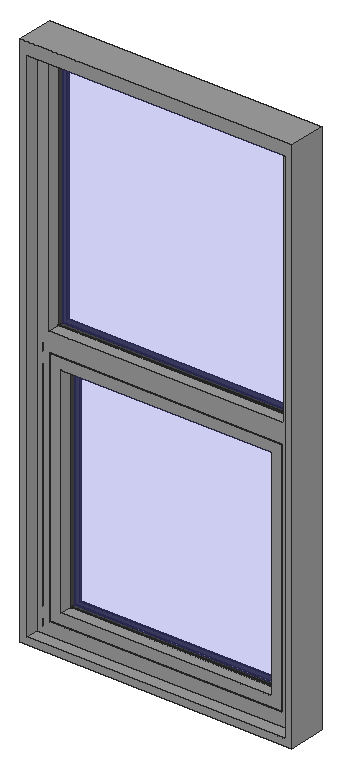
Revit family "SS_5_LAP OP007_v02", category Windows, host Wall, Revit 2015
Parameters
  Wall Thickness [instance] = 0' - 6"
  URL = "obe.com"
  Transom Height = 3' - 0"
  Rough Width = Width + 0' 0 1/2"  # 3' - 0 1/2"
  Rough Height = Height + 0' 0 1/2"  # 6' - 0 1/2"
  Offset Limitation [instance] = if((Offset + 0' 5") > Wall Thickness, (Wall Thickness - 0' 5"), Offset)  # 0' - 0"
  Offset [instance] = 0' - 0"
  Model = "SS_5_LAP OP007"
  Manufacturer = "Oldcastle BuildingEnvelope®"
  Keynote = "08 51 00"
  Height = Operable Height + Transom Height  # 6' - 0"
  Glass Material = Glass
  Gasket Material = Gasket
  Frame Material = Aluminum
  Operable Height = 3' - 0"
  Description = "SIGNATURE SERIES 5000 LAP"
  Default Sill Height = 3' - 0"
  Wall Closure = By host
  Width = 3' - 0"
  Assembly Code = "B2020"
Reference planes (in)
  plane 1 "Center (Front/Back)": y = 0
  plane 2: z = 0
  plane 3 "Center (Left/Right)": x = 0
  plane 4 "Left": x = -18.25
  plane 5 "Right": x = 18.25
  plane 6 "Sill": z = 36
  plane 7 "Top": z = 108.5
  plane 8 "Offset": y = 3
  plane 9: x = 18
  plane 10: z = 108.25
  plane 11: x = -18
  plane 12: z = 36.25
  plane 13 "Center": z = 72.25
  plane 14: z = 39.49948
  plane 15: z = 70.00052
  plane 16: z = 106.625
  plane 17: z = 72.875
  plane 18 "EXT": y = 2.69269
Forms (in)
  Sweep 1, solid, material "Aluminum" <- "Frame Material"
    path origin (0, 3, 0) x (1, 0, 0) y (0, 0, 1)
      loop
        line (-18, 72.25) -> (-18, 36)
    profile origin (-18, 3, 54.125) x (0, -1, 0) y (1, 0, 0)
      loop
        line (0, -0.25) -> (5.00003, -0.25) -> (5.00003, 0.625) -> (3.24905, 0.625) -> (3.24905, 2.3125) -> (3.17, 2.3125) -> (3.17, 1.375) -> (0, 1.375) -> (0, -0.25)
  Sweep 2, solid, material "Aluminum" <- "Frame Material"
    path origin (0, 3, 0) x (1, 0, 0) y (0, 0, 1)
      loop
        line (18, 72.25) -> (18, 36)
    profile origin (18, 3, 54.125) x (0, -1, 0) y (1, 0, 0)
      loop
        line (0, 0.25) -> (0, -1.375) -> (3.17, -1.375) -> (3.17, -2.3125) -> (3.24905, -2.3125) -> (3.24905, -0.625) -> (5.00003, -0.625) -> (5.00003, 0.25) -> (0, 0.25)
  Sweep 3, solid, material "Aluminum" <- "Frame Material"
    path origin (0, 3, 0) x (1, 0, 0) y (0, 0, 1)
      loop
        line (18.25, 36.25) -> (-18.25, 36.25)
    profile origin (0, 3, 36.25) x (0, 0, -1) y (0, -1, 0)
      loop
        line (0.25, 0) -> (0.25, 5.00003) -> (-0.625, 5.00003) -> (-0.625, 3.25) -> (-2.31253, 3.25) -> (-2.31253, 3.16998) -> (-1.37476, 3.16998) -> (-1.37476, 0) -> (0.25, 0)
  Sweep 4, solid, material "Aluminum" <- "Frame Material"
    path origin (0, 3, 0) x (1, 0, 0) y (0, 0, 1)
      loop
        line (18.25, 72.25) -> (-18.25, 72.25)
    profile origin (0, 3, 72.25) x (0, 0, -1) y (0, -1, 0)
      loop
        line (-1.25, 0) -> (0.36816, 0) -> (0.36816, 3.16998) -> (1.3125, 3.16998) -> (1.3125, 3.25) -> (-1.24003, 3.25) -> (-1.24003, 1.49822) -> (-0.625, 1.49822) -> (-0.625, 0.174) -> (-1.25, 0.174) -> (-1.25, 0)
  Sweep 5, solid, material "Aluminum" <- "Frame Material"
    path origin (0, 3, 0) x (1, 0, 0) y (0, 0, 1)
      loop
        line (18.25, 108.25) -> (-18.25, 108.25)
    profile origin (0, 3, 108.25) x (0, 0, -1) y (0, -1, 0)
      loop
        line (-0.25, 0) -> (2.25006, 0) -> (2.25006, 0.17403) -> (1.62506, 0.17403) -> (1.62506, 1.49898) -> (2.25006, 1.49898) -> (2.25006, 3.24169) -> (1.375, 3.24169) -> (1.375, 5.00003) -> (-0.25, 5.00003) -> (-0.25, 0)
  Sweep 6, solid, material "Aluminum" <- "Frame Material"
    path origin (0, 3, 0) x (1, 0, 0) y (0, 0, 1)
      loop
        line (18, 108.50003) -> (18, 72.25)
    profile origin (18, 3, 90.37502) x (0, -1, 0) y (1, 0, 0)
      loop
        line (0, 0.25) -> (0, -2.25006) -> (0.174, -2.25006) -> (0.174, -1.625) -> (1.49822, -1.625) -> (1.49822, -2.25006) -> (3.25003, -2.25006) -> (3.25003, -0.625) -> (5.00003, -0.625) -> (5.00003, 0.25) -> (0, 0.25)
  Sweep 7, solid, material "Aluminum" <- "Frame Material"
    path origin (0, 3, 0) x (1, 0, 0) y (0, 0, 1)
      loop
        line (-18, 108.50003) -> (-18, 72.25)
    profile origin (-18, 3, 90.37502) x (0, -1, 0) y (1, 0, 0)
      loop
        line (0, -0.25) -> (5.00003, -0.25) -> (5.00003, 0.625) -> (3.25003, 0.625) -> (3.25003, 2.25006) -> (1.49822, 2.25006) -> (1.49822, 1.625) -> (0.174, 1.625) -> (0.174, 2.25006) -> (0, 2.25006) -> (0, -0.25)
  Sweep 8, solid, material "Gasket" <- "Gasket Material", detail levels fine
    path origin (0, 3, 0) x (1, 0, 0) y (0, 0, 1)
      loop
        line (14.12552, 69.37552) -> (-14.12552, 69.37552) -> (-14.12552, 40.12448) -> (14.12552, 40.12448) -> (14.12552, 69.37552)
    profile origin (0, 3, 69.37552) x (0, 0, -1) y (0, -1, 0)
      loop
        line (-0.34122, 0.30731) -> (-0.34122, 0.18233) -> (0.01433, 0.18233) -> (0.01433, 0.03323) -> (0.05105, 0.04446) -> (0.15412, 0.30731) -> (-0.34122, 0.30731)
      loop
        line (0.125, 1.30731) -> (0.03928, 1.5877) -> (0, 1.5877) -> (0, 1.50729) -> (-0.16078, 1.50729) -> (-0.23349, 1.41749) -> (-0.32133, 1.34636)
        arc (-0.32133, 1.34636) -> (-0.33482, 1.32905) -> (-0.33179, 1.30731) r 0.02818
        line (-0.33179, 1.30731) -> (0.125, 1.30731)
  Sweep 9, solid, material "Gasket" <- "Gasket Material", detail levels fine
    path origin (0, 3, 0) x (1, 0, 0) y (0, 0, 1)
      loop
        line (15.74994, 105.99994) -> (-15.74994, 105.99994) -> (-15.74994, 73.49003) -> (15.74994, 73.49003) -> (15.74994, 105.99994)
    profile origin (0, 3, 105.99994) x (0, 0, -1) y (0, -1, 0)
      loop
        line (-0.34161, 0.29896) -> (-0.34161, 0.17399) -> (0.01394, 0.17399) -> (0.01394, 0.02489) -> (0.05067, 0.03611) -> (0.15374, 0.29896) -> (-0.34161, 0.29896)
      loop
        line (0.12461, 1.29896) -> (0.03889, 1.57935) -> (-0.00039, 1.57935) -> (-0.00039, 1.49894) -> (-0.16116, 1.49894) -> (-0.23388, 1.40914) -> (-0.32172, 1.33801)
        arc (-0.32172, 1.33801) -> (-0.33521, 1.3207) -> (-0.33218, 1.29896) r 0.02818
        line (-0.33218, 1.29896) -> (0.12461, 1.29896)
  Extrusion 10, solid, material "Glass" <- "Glass Material"
    sketch origin (0, 0, 36) x (0, -1, 0) y (1, 0, 0)
      loop
        line (-2.69269, -14.75052) -> (-1.69269, -14.75052) -> (-1.69269, 14.75052) -> (-2.69269, 14.75052) -> (-2.69269, -14.75052)
    from 3.49948 to 34.00052
  Extrusion 11, solid, material "Glass" <- "Glass Material"
    sketch origin (0, 0, 0) x (1, 0, 0) y (0, 1, 0)
      loop
        line (-16.375, 2.701) -> (-16.375, 1.701) -> (16.375, 1.701) -> (16.375, 2.701) -> (-16.375, 2.701)
    from 72.875 to 106.625
  Sweep 12, solid, material "Aluminum" <- "Frame Material"
    path origin (0, 3, 0) x (1, 0, 0) y (0, 0, 1)
      loop
        line (-18, 72.11606) -> (-18, 37.38394)
    profile origin (-18, 3, 54.75) x (0, -1, 0) y (1, 0, 0)
      loop
        line (0, 1.13394) -> (0, 1.8426) -> (3.09, 1.8426) -> (3.09, 2.49948) -> (3.24905, 2.49948) -> (3.24905, 3.87448) -> (1.50729, 3.87448) -> (1.50729, 3.24948) -> (0.18233, 3.24948) -> (0.18233, 3.87448) -> (0.00831, 3.87448) -> (0.00831, 2.99948) -> (-0.32169, 2.99948) -> (-0.32169, 1.13394) -> (0, 1.13394)
  Sweep 13, solid, material "Aluminum" <- "Frame Material"
    path origin (0, 3, 0) x (1, 0, 0) y (0, 0, 1)
      loop
        line (18, 72.11606) -> (18, 37.38394)
    profile origin (18, 3, 54.75) x (0, -1, 0) y (1, 0, 0)
      loop
        line (0.18233, -3.87448) -> (0.18233, -3.24948) -> (1.50729, -3.24948) -> (1.50729, -3.87448) -> (3.25, -3.87448) -> (3.25, -2.49948) -> (3.09, -2.49948) -> (3.09, -1.8426) -> (0, -1.8426) -> (0, -1.13394) -> (-0.32169, -1.13394) -> (-0.32169, -2.99948) -> (0.00831, -2.99948) -> (0.00831, -3.87448) -> (0.18233, -3.87448)
  Sweep 14, solid, material "Aluminum" <- "Frame Material"
    path origin (0, 3, 0) x (1, 0, 0) y (0, 0, 1)
      loop
        line (16.86606, 72.25) -> (-16.86606, 72.25)
    profile origin (0, 3, 72.25) x (0, 0, -1) y (0, -1, 0)
      loop
        line (0.13394, -0.32169) -> (1.99948, -0.32169) -> (1.99948, 0.00831) -> (2.87448, 0.00831) -> (2.87448, 0.18233) -> (2.24948, 0.18233) -> (2.24948, 1.50729) -> (2.87448, 1.50729) -> (2.87448, 3.25) -> (1.49943, 3.25) -> (1.49943, 3.08994) -> (0.84241, 3.08994) -> (0.84241, 0) -> (0.13394, 0) -> (0.13394, -0.32169)
  Sweep 15, solid, material "Aluminum" <- "Frame Material"
    path origin (0, 3, 0) x (1, 0, 0) y (0, 0, 1)
      loop
        line (16.86606, 36.25) -> (-16.86606, 36.25)
    profile origin (0, 3, 36.25) x (0, 0, -1) y (0, -1, 0)
      loop
        line (-1.13394, 0) -> (-1.84297, 0) -> (-1.84297, 3.08929) -> (-2.49948, 3.08929) -> (-2.49948, 3.25) -> (-3.87448, 3.25) -> (-3.87448, 1.50729) -> (-3.24948, 1.50729) -> (-3.24948, 0.18233) -> (-3.87448, 0.18233) -> (-3.87448, 0.00831) -> (-2.99948, 0.00831) -> (-2.99948, -0.32169) -> (-1.13394, -0.32169) -> (-1.13394, 0)
  Sweep 16, void
    path origin (0, 3, 0) x (1, 0, 0) y (0, 0, 1)
      loop
        line (18, 38.74948) -> (18, 70.75057)
    profile origin (18, 3, 54.75002) x (-1, 0, 0) y (0, -1, 0)
      loop
        line (2.3125, 3.25003) -> (2.3125, 3.09) -> (2.49948, 3.09) -> (2.49948, 3.25003) -> (2.3125, 3.25003)
  Sweep 17, void
    path origin (0, 3, 0) x (1, 0, 0) y (0, 0, 1)
      loop
        line (15.50052, 36.25) -> (-15.50052, 36.25)
    profile origin (0, 3, 36.25) x (0, 0, -1) y (0, -1, 0)
      loop
        line (-2.49948, 3.08929) -> (-2.31253, 3.08929) -> (-2.31253, 3.25003) -> (-2.49948, 3.25003) -> (-2.49948, 3.08929)
  Sweep 18, void
    path origin (0, 3, 0) x (1, 0, 0) y (0, 0, 1)
      loop
        line (15.50052, 72.25) -> (-15.50052, 72.25)
    profile origin (0, 3, 72.25) x (0, 0, -1) y (0, -1, 0)
      loop
        line (1.49943, 3.08994) -> (1.49943, 3.25) -> (1.3125, 3.25) -> (1.3125, 3.08994) -> (1.49943, 3.08994)
  Sweep 19, void
    path origin (0, 3, 0) x (1, 0, 0) y (0, 0, 1)
      loop
        line (-18, 70.75057) -> (-18, 38.56253)
    profile origin (-18, 3, 54.65655) x (0, -1, 0) y (1, 0, 0)
      loop
        line (3.25, 2.3125) -> (3.25, 2.49948) -> (3.09, 2.49948) -> (3.09, 2.3125) -> (3.25, 2.3125)
Cuts and joins
  Sweep 16, Sweep 17, Sweep 18 cuts Sweep 1
  Sweep 16, Sweep 17, Sweep 18 cuts Sweep 2
  Sweep 16, Sweep 17, Sweep 18 cuts Sweep 3
  Sweep 16, Sweep 17, Sweep 18 cuts Sweep 4
  Sweep 16, Sweep 17, Sweep 18 cuts Sweep 5
  Sweep 16, Sweep 17, Sweep 18 cuts Sweep 6
  Sweep 16, Sweep 17, Sweep 18 cuts Sweep 7
  Sweep 16, Sweep 17, Sweep 18 cuts Sweep 12
  Sweep 16, Sweep 17, Sweep 18 cuts Sweep 13
  Sweep 16, Sweep 17, Sweep 18, Sweep 19 cuts Sweep 14
  Sweep 16, Sweep 17, Sweep 18, Sweep 19 cuts Sweep 15
  joined: Sweep 1, Sweep 2, Sweep 3, Sweep 4, Sweep 5, Sweep 6, Sweep 7, Sweep 12, Sweep 13, Sweep 14, Sweep 15
Lines and regions (in)
  Opening 1
    outline origin (-60, -3, 0) x (1, 0, 0) y (0, 0, 1)
      loop
        line (41.75, 108.5) -> (41.75, 36) -> (78.25, 36) -> (78.25, 108.5) -> (41.75, 108.5)
  model lines, style "Opening Direction"
    curve 1: line (14.12552, 2.69269, 40.12448) -> (0, 2.69269, 69.37552)
    curve 2: line (-14.12552, 2.69269, 40.12448) -> (0, 2.69269, 69.37552)
Text (in)
  text "EXTERIOR" at (-58.6888, 50.90694, 0), in view "Ref. Level"
  text "INTERIOR" at (-58.6888, -37.76638, 0), in view "Ref. Level"
  text "Exterior" at (0, 43.65631, 123.19604), in view "Left"
  text "Exterior" at (0, 18.29385, 125.04747), in view "Right"
  text "Min Operable Size\n\n14\" width x 18\" height\n\n\n\nMin Fixed Size\n\n14\" x 18\"\n\n\n\nMax Operable Size\n\n72\" x 72\"\n\n\n\nMax Fixed Size\n\n72\" x 72\"\n\n\n\nMax Operable Area\n\n24 square feet" at (93.27691, 65.42885, 0), in view "Ref. Level"
Dimensions and locks (in)
  equal spacing: plane 4 "Left", plane 3 "Center (Left/Right)", plane 5 "Right"
  "Rough Width": plane 4 "Left" to plane 5 "Right"
  "Default Sill Height": plane 2 to plane 6 "Sill"
  "Offset Limitation": plane 8 "Offset" to host wall
  "Wall Thickness": host wall to host wall
  locked: plane 9 to plane 5 "Right" at 0.25
  locked: plane 6 "Sill" to plane 12 at 0.25
  "Operable Height": plane 12 to plane 13 "Center"
  "Transom Height": plane 13 "Center" to plane 10
  "Rough Height": plane 6 "Sill" to plane 7 "Top"
  "Width": plane 11 to plane 9
  Extrusion 10 sketch curve to Extrusion 10 sketch curve to plane 8 "Offset" = 0' - 1" locked, 0' - 0.30731" locked
  locked: plane 12 to plane 14 at 3.24948
  locked: plane 13 "Center" to plane 15 at 2.24948
  Extrusion 11 to host wall = 0' - 1.701"
  Extrusion 11 sketch curve to Extrusion 11 sketch curve to plane 8 "Offset" = 0' - 1" locked, 0' - 0.299" locked
  locked: plane 16 to plane 10 at 1.625
  locked: plane 17 to plane 13 "Center" at 0.625
  locked: plane 18 "EXT" to plane 8 "Offset" at 0.30731
  aligned and locked: plane 7 "Top" to Opening 1 sketch curve
  aligned and locked: plane 6 "Sill" to Opening 1 sketch curve  (x2)
  aligned and locked: plane 5 "Right" to Opening 1 sketch curve
  aligned and locked: plane 4 "Left" to Opening 1 sketch curve
  aligned and locked: level to plane 2
  aligned and locked: Sweep 1 sketch curve to plane 11
  aligned and locked: Sweep 2 sketch curve to plane 9
  aligned and locked: plane 12 to Sweep 3 sketch curve
  aligned and locked: plane 10 to Sweep 5 sketch curve
  aligned and locked: Sweep 6 sketch curve to plane 9
  aligned and locked: plane 15 to Extrusion 10
  aligned and locked: Extrusion 10 to plane 14
  aligned and locked: Extrusion 11 to plane 17
  aligned and locked: plane 16 to Extrusion 11
  aligned and locked: Sweep 12 sketch curve to plane 11
  aligned and locked: Sweep 13 sketch curve to plane 9
  aligned and locked: plane 13 "Center" to Sweep 14 sketch curve
  aligned and locked: plane 12 to Sweep 15 sketch curve
  aligned and locked: plane 3 "Center (Left/Right)" to curve 2
  aligned and locked: Sweep 16 sketch curve to plane 9
  aligned and locked: Sweep 17 sketch curve to plane 12
  aligned and locked: Sweep 18 sketch curve to plane 13 "Center"
  aligned and locked: plane 11 to Sweep 19 sketch curve
Automatic sketch dimensions
  Sweep 1 sketch curve to plane 6 "Sill" = 0' - 0"
  Sweep 1 sketch curve to plane 13 "Center" = 0' - 0"
  profile plane to Sweep 1 sketch curve = 0' - 0 1/4"
  Sweep 2 sketch curve to plane 6 "Sill" = 0' - 0"
  Sweep 2 sketch curve to plane 13 "Center" = 0' - 0"
  plane 4 "Left" to Sweep 3 sketch curve = 0' - 0"
  plane 5 "Right" to Sweep 3 sketch curve = 0' - 0"
  plane 4 "Left" to Sweep 4 sketch curve = 0' - 0"
  plane 5 "Right" to Sweep 4 sketch curve = 0' - 0"
  Sweep 4 sketch curve to plane 13 "Center" = 0' - 0"
  plane 4 "Left" to Sweep 5 sketch curve = 0' - 0"
  plane 5 "Right" to Sweep 5 sketch curve = 0' - 0"
  Sweep 5 sketch curve to Sweep 5 sketch curve = 0' - 1 5/8"
  Sweep 5 sketch curve to Sweep 5 sketch curve = 0' - 0 5/8"  (x2)
  Sweep 5 sketch curve to Sweep 5 sketch curve = 0' - 1.32495"
  Sweep 5 sketch curve to Sweep 5 sketch curve = 0' - 1.74271"
  Sweep 5 sketch curve to Sweep 5 sketch curve = 0' - 1.75834"
  Sweep 5 sketch curve to plane 8 "Offset" = 0' - 0"
  profile plane to Sweep 5 sketch curve = 0' - 0 1/4"
  Sweep 5 sketch curve to Sweep 5 sketch curve = 0' - 1.87506"
  plane 8 "Offset" to Sweep 5 sketch curve = 0' - 0.17403"
  Sweep 6 sketch curve to plane 13 "Center" = 0' - 0"
  Sweep 6 sketch curve to plane 7 "Top" = 0' - 0.00003"
  plane 8 "Offset" to Sweep 6 sketch curve = 0' - 0.174"
  Sweep 6 sketch curve to Sweep 6 sketch curve = 0' - 1 83/256"
  profile plane to Sweep 6 sketch curve = 0' - 0 5/8"
  Sweep 6 sketch curve to Sweep 6 sketch curve = 0' - 1.75182"
  Sweep 6 sketch curve to Sweep 6 sketch curve = 0' - 1 3/4"
  profile plane to Sweep 6 sketch curve = 0' - 1 5/8"
  Sweep 6 sketch curve to Sweep 6 sketch curve = 0' - 0.62506"  (x2)
  Sweep 6 sketch curve to profile plane = 0' - 0 1/4"
  plane 8 "Offset" to Sweep 6 sketch curve = 0' - 0"
  plane 11 to Sweep 7 sketch curve = 0' - 0"
  Sweep 7 sketch curve to plane 13 "Center" = 0' - 0"
  Sweep 7 sketch curve to plane 7 "Top" = 0' - 0.00003"
  Sweep 7 sketch curve to plane 8 "Offset" = 0' - 0"
  Sweep 7 sketch curve to Sweep 7 sketch curve = 0' - 0.174"
  Sweep 7 sketch curve to Sweep 7 sketch curve = 0' - 1 83/256"
  Sweep 7 sketch curve to Sweep 7 sketch curve = 0' - 1.75182"
  Sweep 7 sketch curve to Sweep 7 sketch curve = 0' - 1 3/4"
  profile plane to Sweep 7 sketch curve = 0' - 0 1/4"
  Sweep 7 sketch curve to Sweep 7 sketch curve = 0' - 0 7/8"
  Sweep 7 sketch curve to Sweep 7 sketch curve = 0' - 1 7/8"
  Sweep 7 sketch curve to Sweep 7 sketch curve = 0' - 1.62506"
  Sweep 7 sketch curve to Sweep 7 sketch curve = 0' - 0.62506"
  Sweep 8 sketch curve to plane 11 = 0' - 3.87448"
  plane 9 to Sweep 8 sketch curve = 0' - 3.87448"
  Sweep 8 sketch curve to plane 12 = 0' - 3.87448"
  plane 13 "Center" to Sweep 8 sketch curve = 0' - 2.87448"
  Sweep 8 sketch curve to profile plane = 0' - 0"
  Sweep 8 sketch curve to Sweep 8 sketch curve = 0' - 0.16078"
  Sweep 8 sketch curve to Sweep 8 sketch curve = 0' - 0.07272"
  Sweep 8 sketch curve to Sweep 8 sketch curve = 0' - 0.07411"
  Sweep 8 sketch curve to Sweep 8 sketch curve = 0' - 0.01373"
  Sweep 8 sketch curve to Sweep 8 sketch curve = 0' - 0.02419"
  profile plane to Sweep 8 sketch curve = 0' - 0.34122"
  Sweep 8 sketch curve to profile plane = 0' - 0.01433"
  Sweep 8 sketch curve to Sweep 8 sketch curve = 0' - 0.03672"
  Sweep 8 sketch curve to profile plane = 0' - 0 1/8"
  Sweep 8 sketch curve to profile plane = 0' - 0.15412"
  plane 8 "Offset" to Sweep 8 sketch curve = 0' - 0.03323"
  Sweep 8 sketch curve to Sweep 8 sketch curve = 0' - 0.01123"
  Sweep 8 sketch curve to Sweep 8 sketch curve = 0' - 0.13787"
  Sweep 8 sketch curve to Sweep 8 sketch curve = 0' - 0.12497"
  Sweep 8 sketch curve to Sweep 8 sketch curve = 0' - 1"
  Sweep 8 sketch curve to Sweep 8 sketch curve = 0' - 0.01445"
  Sweep 8 sketch curve to Sweep 8 sketch curve = 0' - 0.07113"
  Sweep 8 sketch curve to Sweep 8 sketch curve = 0' - 0.19998"
  Sweep 8 sketch curve to Sweep 8 sketch curve = 0' - 0.08041"
  Sweep 8 sketch curve to profile plane = 0' - 0.03928"
  Sweep 9 sketch curve to plane 11 = 0' - 2.25006"
  plane 9 to Sweep 9 sketch curve = 0' - 2.25006"
  Sweep 9 sketch curve to plane 13 "Center" = 0' - 1.24003"
  plane 10 to Sweep 9 sketch curve = 0' - 2.25006"
  profile plane to Sweep 9 sketch curve = 0' - 0.34161"
  profile plane to Sweep 9 sketch curve = 0' - 0.33218"
  Sweep 9 sketch curve to Sweep 9 sketch curve = 0' - 0.01046"
  Sweep 9 sketch curve to Sweep 9 sketch curve = 0' - 0.02419"
  profile plane to Sweep 9 sketch curve = 0' - 0.23388"
  profile plane to Sweep 9 sketch curve = 0' - 0.16116"
  Sweep 9 sketch curve to Sweep 9 sketch curve = 0' - 0.16078"
  Sweep 9 sketch curve to profile plane = 0' - 0.01394"
  Sweep 9 sketch curve to Sweep 9 sketch curve = 0' - 0.03928"
  Sweep 9 sketch curve to Sweep 9 sketch curve = 0' - 0.03672"
  Sweep 9 sketch curve to Sweep 9 sketch curve = 0' - 0 1/8"
  Sweep 9 sketch curve to Sweep 9 sketch curve = 0' - 0.13979"
  plane 8 "Offset" to Sweep 9 sketch curve = 0' - 0.02489"
  Sweep 9 sketch curve to Sweep 9 sketch curve = 0' - 0.01123"
  Sweep 9 sketch curve to Sweep 9 sketch curve = 0' - 0.13787"
  Sweep 9 sketch curve to Sweep 9 sketch curve = 0' - 0.12497"
  Sweep 9 sketch curve to Sweep 9 sketch curve = 0' - 1"
  Sweep 9 sketch curve to Sweep 9 sketch curve = 0' - 0.01445"
  Sweep 9 sketch curve to Sweep 9 sketch curve = 0' - 0.07113"
  Sweep 9 sketch curve to Sweep 9 sketch curve = 0' - 0.19998"
  Sweep 9 sketch curve to Sweep 9 sketch curve = 0' - 0.08041"
  Extrusion 10 sketch curve to plane 11 = 0' - 3.24948"
  plane 9 to Extrusion 10 sketch curve = 0' - 3.24948"
  Extrusion 11 sketch curve to plane 11 = 0' - 1 5/8"
  plane 9 to Extrusion 11 sketch curve = 0' - 1 5/8"
  Sweep 4 sketch curve to plane 8 "Offset" = 0' - 0"
  plane 8 "Offset" to Sweep 4 sketch curve = 0' - 0.174"
  profile plane to Sweep 4 sketch curve = 0' - 1 1/4"
  profile plane to Sweep 4 sketch curve = 0' - 1.24003"
  Sweep 4 sketch curve to Sweep 4 sketch curve = 0' - 0.61503"
  Sweep 4 sketch curve to Sweep 4 sketch curve = 0' - 1 83/256"
  Sweep 4 sketch curve to Sweep 4 sketch curve = 0' - 1.75178"
  Sweep 4 sketch curve to profile plane = 0' - 0.36816"
  Sweep 4 sketch curve to Sweep 4 sketch curve = 0' - 0.94435"
  Sweep 4 sketch curve to Sweep 4 sketch curve = 0' - 0.08002"
  plane 8 "Offset" to Sweep 2 sketch curve = 0' - 0"
  profile plane to Sweep 2 sketch curve = 0' - 0 5/8"
  Sweep 2 sketch curve to profile plane = 0' - 0 1/4"
  Sweep 2 sketch curve to Sweep 2 sketch curve = 0' - 1.75099"
  Sweep 2 sketch curve to Sweep 2 sketch curve = 0' - 3.17"
  Sweep 2 sketch curve to Sweep 2 sketch curve = 0' - 0.07905"
  Sweep 2 sketch curve to Sweep 2 sketch curve = 0' - 0 3/4"
  Sweep 2 sketch curve to Sweep 2 sketch curve = 0' - 0 15/16"
  Sweep 1 sketch curve to profile plane = 0' - 0 5/8"
  Sweep 1 sketch curve to Sweep 1 sketch curve = 0' - 1.75099"
  plane 8 "Offset" to Sweep 1 sketch curve = 0' - 0"
  Sweep 1 sketch curve to Sweep 1 sketch curve = 0' - 3.17"
  Sweep 1 sketch curve to Sweep 1 sketch curve = 0' - 0 15/16"
  Sweep 1 sketch curve to Sweep 1 sketch curve = 0' - 0.07905"
  Sweep 1 sketch curve to Sweep 1 sketch curve = 0' - 0 3/4"
  profile plane to Sweep 3 sketch curve = 0' - 2.31253"
  profile plane to Sweep 3 sketch curve = 0' - 0 5/8"
  Sweep 3 sketch curve to profile plane = 0' - 0 1/4"
  plane 8 "Offset" to Sweep 3 sketch curve = 0' - 3.16998"
  Sweep 3 sketch curve to Sweep 3 sketch curve = 0' - 0.08002"
  Sweep 3 sketch curve to Sweep 3 sketch curve = 0' - 1.75003"
  Sweep 3 sketch curve to Sweep 3 sketch curve = 0' - 0.74976"
  plane 8 "Offset" to Sweep 3 sketch curve = 0' - 0"
  Sweep 12 sketch curve to plane 6 "Sill" = 0' - 1.38394"
  plane 13 "Center" to Sweep 12 sketch curve = 0' - 0.13394"
  Sweep 12 sketch curve to Sweep 12 sketch curve = 0' - 0.32169"
  Sweep 12 sketch curve to profile plane = 0' - 1.13394"
  Sweep 12 sketch curve to plane 8 "Offset" = 0' - 0"
  Sweep 12 sketch curve to Sweep 12 sketch curve = 0' - 0.70866"
  Sweep 12 sketch curve to Sweep 12 sketch curve = 0' - 1.15688"
  plane 8 "Offset" to Sweep 12 sketch curve = 0' - 0.00831"
  Sweep 12 sketch curve to Sweep 12 sketch curve = 0' - 0 7/8"
  Sweep 12 sketch curve to Sweep 12 sketch curve = 0' - 0.17403"
  Sweep 12 sketch curve to Sweep 12 sketch curve = 0' - 3.06671"
  Sweep 12 sketch curve to Sweep 12 sketch curve = 0' - 1.32495"
  Sweep 12 sketch curve to Sweep 12 sketch curve = 0' - 0 5/8"
  Sweep 12 sketch curve to Sweep 12 sketch curve = 0' - 0"
  Sweep 12 sketch curve to Sweep 12 sketch curve = 0' - 0.15905"
  Sweep 12 sketch curve to Sweep 12 sketch curve = 0' - 0.65688"
  Sweep 13 sketch curve to plane 12 = 0' - 1.13394"
  plane 13 "Center" to Sweep 13 sketch curve = 0' - 0.13394"
  plane 8 "Offset" to Sweep 13 sketch curve = 0' - 0.00831"
  Sweep 13 sketch curve to Sweep 13 sketch curve = 0' - 0.17403"
  Sweep 13 sketch curve to Sweep 13 sketch curve = 0' - 0 1/4"
  Sweep 13 sketch curve to plane 8 "Offset" = 0' - 0.32169"
  plane 8 "Offset" to Sweep 13 sketch curve = 0' - 0"
  profile plane to Sweep 13 sketch curve = 0' - 1.13394"
  Sweep 13 sketch curve to Sweep 13 sketch curve = 0' - 3.06767"
  Sweep 13 sketch curve to Sweep 13 sketch curve = 0' - 0.16"
  Sweep 13 sketch curve to Sweep 13 sketch curve = 0' - 1 3/8"
  Sweep 13 sketch curve to Sweep 13 sketch curve = 0' - 0.65688"
  Sweep 13 sketch curve to Sweep 13 sketch curve = 0' - 0.70866"
  Sweep 13 sketch curve to Sweep 13 sketch curve = 0' - 1.32495"
  Sweep 13 sketch curve to Sweep 13 sketch curve = 0' - 0"
  Sweep 13 sketch curve to Sweep 13 sketch curve = 0' - 0 5/8"
  Sweep 14 sketch curve to plane 11 = 0' - 1.13394"
  plane 9 to Sweep 14 sketch curve = 0' - 1.13394"
  Sweep 14 sketch curve to plane 8 "Offset" = 0' - 0"
  Sweep 14 sketch curve to profile plane = 0' - 0.13394"
  Sweep 14 sketch curve to Sweep 14 sketch curve = 0' - 0.70847"
  plane 8 "Offset" to Sweep 14 sketch curve = 0' - 0.00831"
  Sweep 14 sketch curve to Sweep 14 sketch curve = 0' - 1.15707"
  Sweep 14 sketch curve to Sweep 14 sketch curve = 0' - 0 1/4"
  Sweep 14 sketch curve to Sweep 14 sketch curve = 0' - 0 5/8"  (x2)
  Sweep 14 sketch curve to plane 8 "Offset" = 0' - 0.32169"
  plane 8 "Offset" to Sweep 14 sketch curve = 0' - 0.18233"
  Sweep 14 sketch curve to Sweep 14 sketch curve = 0' - 1.32495"
  Sweep 14 sketch curve to Sweep 14 sketch curve = 0' - 1.74271"
  Sweep 14 sketch curve to Sweep 14 sketch curve = 0' - 0.65702"
  Sweep 14 sketch curve to Sweep 14 sketch curve = 0' - 0.16006"
  Sweep 15 sketch curve to plane 11 = 0' - 1.13394"
  plane 9 to Sweep 15 sketch curve = 0' - 1.13394"
  plane 8 "Offset" to Sweep 15 sketch curve = 0' - 0.18233"
  Sweep 15 sketch curve to Sweep 15 sketch curve = 0' - 0"
  Sweep 15 sketch curve to Sweep 15 sketch curve = 0' - 0 5/8"
  plane 8 "Offset" to Sweep 15 sketch curve = 0' - 0.00831"
  Sweep 15 sketch curve to Sweep 15 sketch curve = 0' - 0 1/4"
  profile plane to Sweep 15 sketch curve = 0' - 1.13394"
  Sweep 15 sketch curve to plane 8 "Offset" = 0' - 0.32169"
  Sweep 15 sketch curve to Sweep 15 sketch curve = 0' - 1.32495"
  Sweep 15 sketch curve to Sweep 15 sketch curve = 0' - 1.74271"
  Sweep 15 sketch curve to Sweep 15 sketch curve = 0' - 1 3/8"
  Sweep 15 sketch curve to Sweep 15 sketch curve = 0' - 0.65651"
  Sweep 15 sketch curve to Sweep 15 sketch curve = 0' - 0.70903"
  plane 8 "Offset" to Sweep 15 sketch curve = 0' - 0"
  Sweep 15 sketch curve to Sweep 15 sketch curve = 0' - 0.16071"
  plane 14 to curve 2 = 0' - 0 5/8"
  curve 2 to plane 11 = 0' - 3.87448"
  plane 14 to curve 1 = 0' - 0 5/8"
  plane 9 to curve 1 = 0' - 3.87448"
  curve 2 to plane 15 = 0' - 0 5/8"
  Sweep 16 sketch curve to profile plane = 0' - 2 5/16"
  Sweep 16 sketch curve to Sweep 16 sketch curve = 0' - 0.18698"
  plane 8 "Offset" to Sweep 16 sketch curve = 0' - 3.09"
  Sweep 16 sketch curve to Sweep 16 sketch curve = 0' - 0.16003"
  profile plane to Sweep 17 sketch curve = 0' - 2.49948"
  Sweep 17 sketch curve to Sweep 17 sketch curve = 0' - 0.18695"
  plane 8 "Offset" to Sweep 17 sketch curve = 0' - 3.08929"
  Sweep 17 sketch curve to Sweep 17 sketch curve = 0' - 0.16074"
  Sweep 17 sketch curve to plane 11 = 0' - 2.49948"
  plane 9 to Sweep 17 sketch curve = 0' - 2.49948"
  Sweep 16 sketch curve to plane 14 = 0' - 0 3/4"
  plane 15 to Sweep 16 sketch curve = 0' - 0.75005"
  Sweep 18 sketch curve to plane 11 = 0' - 2.49948"
  plane 9 to Sweep 18 sketch curve = 0' - 2.49948"
  Sweep 18 sketch curve to profile plane = 0' - 1 5/16"
  Sweep 18 sketch curve to Sweep 18 sketch curve = 0' - 0.18693"
  plane 8 "Offset" to Sweep 18 sketch curve = 0' - 3.08994"
  Sweep 18 sketch curve to Sweep 18 sketch curve = 0' - 0.16006"
  Sweep 19 sketch curve to plane 12 = 0' - 2.31253"
  plane 15 to Sweep 19 sketch curve = 0' - 0.75005"
  plane 8 "Offset" to Sweep 19 sketch curve = 0' - 3.09"
  Sweep 19 sketch curve to Sweep 19 sketch curve = 0' - 0.16"
  Sweep 19 sketch curve to profile plane = 0' - 2 5/16"
  Sweep 19 sketch curve to Sweep 19 sketch curve = 0' - 0.18698"
